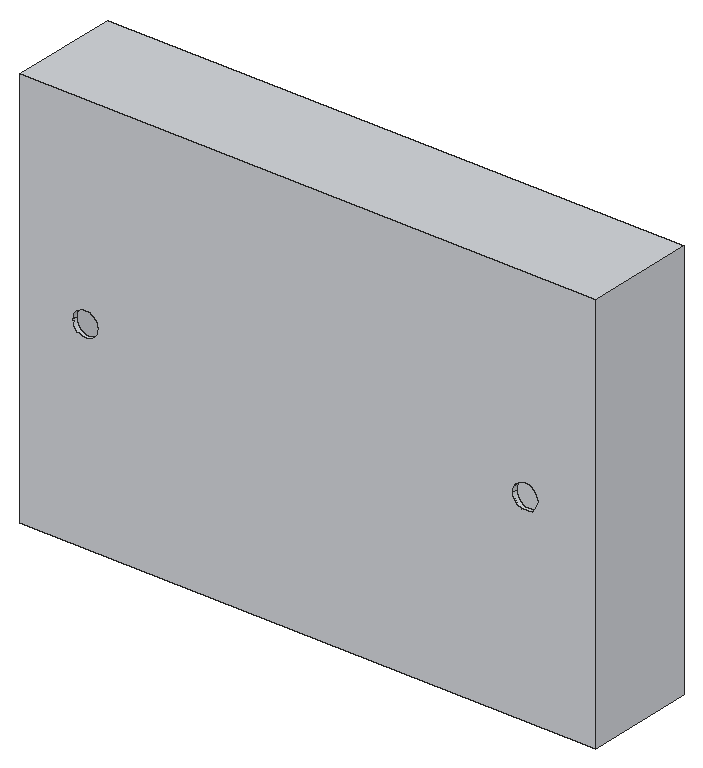
Revit family "AX8414_0020", category Appareils sanitaires, Revit 2016
Family settings
  Hôte = Mur
  Type d'élément = Normal
  Cote de connecteur circulaire = Utiliser le diamètre
  Toujours verticalement = Oui
  Couper avec des vides une fois chargée = Non
  Partagée = Non
  Point de calcul de pièce = Non
Parameters (values of type "Type 1")
  URL = "http://www.axeuro.com/fr/hygiene-feminine/15304-distributeur-de-sachets-pour-hygiene-feminine-ax8414.html?search_query=ax8414&results=2"
  Type de produit / Type of product = "Distributeur de sachets pour hygiène féminine / Sanitary bag dispenser"  # constant formula
  Référence / Reference = "AX8414, AX8414W, AX8414-MBK"  # constant formula
  Model = ""
  Manufacturer = ""
  Entreprise / Company = "Axeuro"  # constant formula
  Description = ""
Reference planes
  plane 1: y = 0
  plane 2 "Centre (gauche/droite)": x = 125
  plane 3 "Arrière": y = 75
Forms (mm)
  Extrusion 1, solid
    sketch origin (291.475, 75, -911.161) x (1, 0, 0) y (0, 0, 1)
      loop
        line (-98.475, 1428.382) -> (-234.475, 1428.382) -> (-234.475, 1333.382) -> (-98.475, 1333.382) -> (-98.475, 1428.382)
      loop
        line (-233.475, 1427.382) -> (-233.475, 1334.382) -> (-99.475, 1334.382) -> (-99.475, 1427.382) -> (-233.475, 1427.382)
    from -26 to 0
  Extrusion 2, void
    sketch origin (0.37, 75, 18.102) x (1, 0, 0) y (0, 0, 1)
      loop
        circle (124.63, 451.619) r 25.5
    from -26 to -1
  Extrusion 3, void
    sketch origin (2.982, 75, 12.596) x (1, 0, 0) y (0, 0, 1)
      loop
        circle (173.518, 457.125) r 3
    from -1 to 0
  Extrusion 4, void
    sketch origin (246.018, 75, 12.596) x (-1, 0, 0) y (0, 0, -1)
      loop
        circle (173.518, -457.125) r 3
    from -1 to 0
  Extrusion 5, solid
    sketch origin (-0.5, 0, 0) x (1, 0, 0) y (0, 1, 0)
      loop
        line (58, 101) -> (58, 99.957) -> (193, 99.957) -> (193, 101) -> (58, 101)
    from 423.221 to 517.221
  Extrusion 6, solid
    sketch origin (-0.5, -1.393, 0) x (1, 0, 0) y (0, 1, 0)
      loop
        line (58, 76.393) -> (193, 76.393) -> (193, 77.393) -> (58, 77.393) -> (58, 76.393)
    from 422.221 to 517.221
Cuts and joins
  Extrusion 2, Extrusion 3, Extrusion 4 cuts Extrusion 1
  Extrusion 2 cuts Extrusion 5
  Extrusion 2, Extrusion 3, Extrusion 4 cuts Extrusion 6
  joined: Extrusion 1, Extrusion 5, Extrusion 6
Text (mm)
  text "Côté de la mise en place" at (-1864.261, 916.262, 0), in view "Niveau de réf."
  text "Côté de la mise en place" at (0, 1605.175, 2923.955), in view "Gauche"
  text "Côté de la mise en place" at (0, 595.982, 3004.978), in view "Droite"
Dimensions and locks
  locked: plane 3 "Arrière" to host wall at 0
  aligned and locked: plane 1 to host wall
  aligned and locked: Extrusion 5 sketch curve to cut or joined group of Extrusion 1, Extrusion 2, Extrusion 3, Extrusion 4, Extrusion 5, Extrusion 6
  aligned and locked: Extrusion 3 to host wall
  aligned and locked: Extrusion 6 to Extrusion 3
  aligned and locked: Extrusion 6 to Extrusion 4
  aligned and locked: Extrusion 4 to host wall
